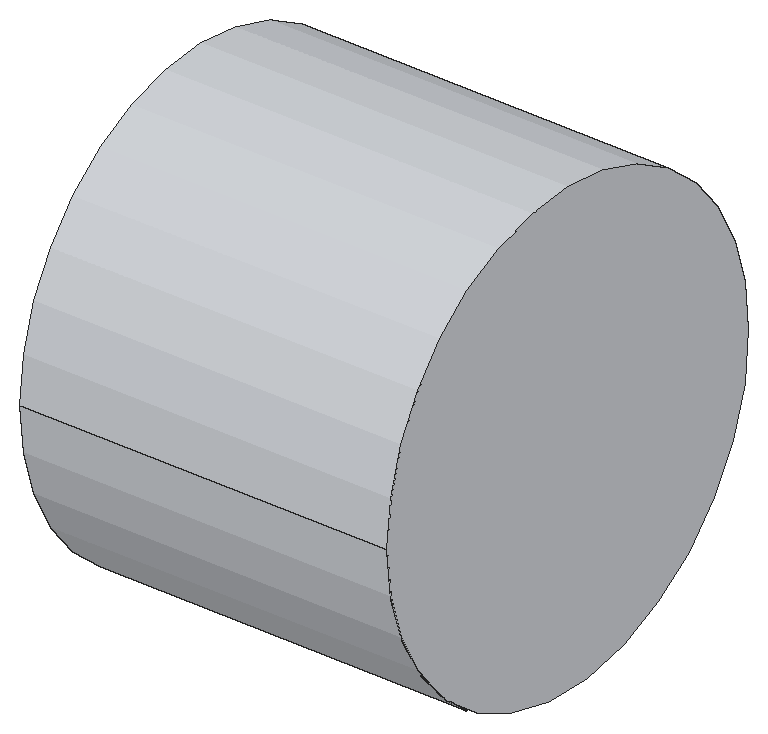
Revit family "M_Casquilho da redução de conduíte - PVC", category Conexões do conduite, Revit 2019
Family settings
  Cota do conector redondo = Usar raio
  Tipo de parte = Transição
  Número OmniClass = 23.80.30.17.11
  Título OmniClass = Conduits
  ID de item do Seek = Conduit Reducer Bushing - PVC-0000-CAN-ENU
  Com base no plano de trabalho = Não
  Sempre na vertical = Sim
  Corte com vazios quando carregada = Não
  Compartilhado = Não
Parameters (values of type "Padrão")
  Raio nominal 2 [instance] = 8 mm
  Raio nominal 1 [instance] = 10.5 mm
  Diâmetro nominal 2 [instance] = Raio nominal 2 * 2  # 16 mm
  Diâmetro nominal 1 [instance] = Raio nominal 1 * 2  # 21 mm
  Diâmetro nominal máximo 12 [instance] = if(Diâmetro nominal 1 > Diâmetro nominal 2, Diâmetro nominal 1, Diâmetro nominal 2)  # 21 mm
  Comprimento [instance] = size_lookup(Pesquisa de tamanho de conduite, "Lgt", 0.33 * Diâmetro nominal máximo 12 + 16.768 mm, Diâmetro nominal máximo 12)  # 21.641 mm
  Raio externo da conexão [instance] = Diâmetro externo da conexão / 2  # 13.335 mm
  Diâmetro externo da conexão [instance] = size_lookup(Pesquisa de tamanho de conduite, "FOD", 1.06 * Diâmetro nominal máximo 12 + 7.342 mm, Diâmetro nominal máximo 12)  # 26.67 mm
  Pesquisa de tamanho de conduite = "M_Conduit Reducer Bushing - PVC"
Reference planes
  plane 1 "Centro (Frente/Trás)": y = 0
  plane 2: z = 0
  plane 3 "Centro (Esquerda/Direita)": x = 0
  plane 4: x = 21.641
Forms (mm)
  Sweep 1, solid, detail levels fine
    path in 3D
      loop
        line (0, 0, 0) -> (21.641, 0, 0)
    profile origin (10.82, 0, 0) x (0, 1, 0) y (0, 0, 1)
      loop
        circle (0, 0) r 13.335
Lines and regions (mm)
  model lines, detail levels coarse+medium
    curve 1: line (0, 0, 0) -> (21.641, 0, 0)
  sketch lines
    curve 2: line (0, 0, 0) -> (21.641, 0, 0)
Dimensions and locks
  "Comprimento": plane 3 "Centro (Esquerda/Direita)" to plane 4
  "Raio externo da conexão": radius of Sweep 1 sketch curve
  aligned and locked: plane 3 "Centro (Esquerda/Direita)" to curve 1
  aligned and locked: plane 4 to curve 1
  aligned and locked: plane 1 "Centro (Frente/Trás)" to curve 1
Automatic sketch dimensions
  Sweep 1 sketch curve to profile plane = 0 mm  (x2)
Connectors
  cabletrayconduit at (0, 0, 0), diameter 21, driven by "Raio nominal 1"
    settings: on Sweep 1, index 1, connector width 304.8 mm, connector height 304.8 mm, connector angle 0.00°, system type 32, placement type 0, profile type 0, connector reference index 2, is primary connector yes, connector utility param no, connector description ""
  cabletrayconduit at (21.641, 0, 0), diameter 16, driven by "Raio nominal 2"
    settings: on Sweep 1, index 2, connector width 304.8 mm, connector height 304.8 mm, connector angle 0.00°, system type 32, placement type 0, profile type 0, connector reference index 1, is primary connector no, connector utility param no, connector description ""
